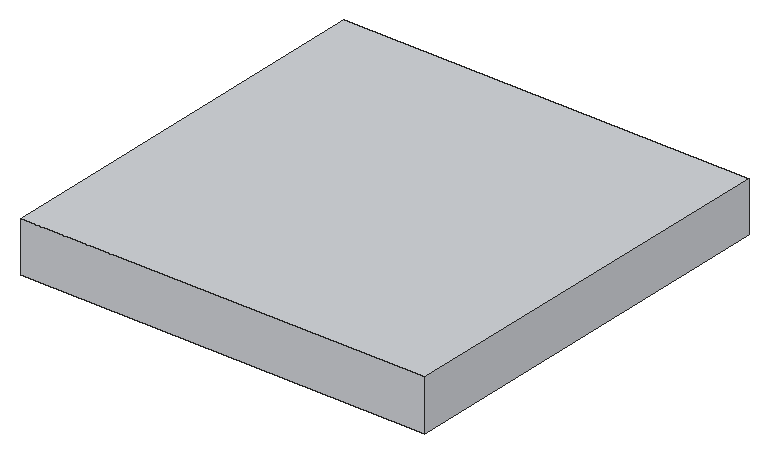
Revit family "00-7986-05-M1", category Luminarias, Revit 2017
Family settings
  Anfitrión = Cara
  Cota de conector redondo = Diámetro de uso
  Tipo de pieza = Normal
  Número OmniClass = 23.80.70.00
  Título OmniClass = Lighting
  Corte con vacíos al cargar = No
  Origen de luz = No
  Compartido = Sí
  Punto de cálculo de habitación = No
Parameters (values of type "00-7986-05-M1")
  Versión = "v1"
  Vatios (W) = 42
  Tipo de regulación = ""
  Tipo = "Colgante"
  Tender text (English) = "LEDS C4\nCoco Chandelier\n00-7986-05-M1\n\nfor indoor use. \nStructure material: Steel, Aluminium. Structure finish: Black. Diffuser material: Polycarbonate. Diffuser finish: White. Warranty: 5 Years.\n\nProduct net weight (Kg): 0.000\nProduct width or diameter (mm): 1300\nProduct height (mm): 2300\n\nClass 1. IP: IP20. E14. No. of lampholders or LEDs: 6. Maximum power of light source: 7W. Gear included: No. Total power: 42."
  Tender text (Castellano) = "LEDS C4\nCoco Chandelier\n00-7986-05-M1\n\nde uso interior \nMaterial estructura: Acero, Aluminio. Acabado estructura: Negro. Material difusor: Policarbonato. Acabado difusor: Blanco. Garantía: 5 Años.\n\nPeso neto del producto (Kg): 0.000\nAnchura o diámetro del producto (mm): 1300\nAltura del producto (mm): 2300\n\nClase 1. IP: IP20. E14. Nº de portalámparas o Leds: 6. Potencia máxima de la fuente de luz: 7W. Equipo incluido: No. Potencia total: 42."
  Temperatura color led (K) = ""
  Referencia = "00-7986-05-M1"
  Rayo de luz = ""
  Producto descatalogado = "Catalogado ES"
  Pluma comercial = ""
  Peso neto (KG) = 0
  Material = "Acero, Aluminio, Policarbonato"
  Lumenes reales (lm) = 0
  LDT = ""
  Imagen web = "http://files.leds-c4.com/main-photo/00-7986-05-M1"
  IfcExportType = "NOTDEFINED"
  IfcExportAs = "IfcLightFixture\r\nIfcLightFixture"
  IP = "IP20"
  IMC = "http://files.leds-c4.com/imc/00-7986-05-M1.html"
  IK = ""
  Fuente de luz = ""
  Fotometría = ""
  Ficha = "http://files.leds-c4.com/ft/es/00-7986-05-M1.html"
  FechaVersion = "Julio 2020"
  Familia = "Coco Chandelier"
  Fabricante = "LEDS C4"
  Etiqueta V/f = "100-240V/50-60Hz"
  Elevación por defecto = 1000 mm
  Eficiencia energética = "NO BULB"
  EAN13 = "8435575369757"
  DescripcionUniformat2010 = "Lighting"
  DescripcionUniclass2015 = "Lighting"
  DescripcionOmniclass = "Lighting"
  DescripcionGubimclass = "Iluminación interior"
  CodigoUniformat2010 = "D5040"
  CodigoUniclass2015 = "EF_70_80"
  CodigoOmniclass = "21-04 50 40"
  CodigoGubimclass = "50.60.50.20"
  Catálogo = "Decorative"
  Carga aparente = 0 VA
  CRI = 0
  Acabado = "Negro, Blanco"
Values of the unnamed type that differ from the named types
  Vatios (W) = 0
  Tipo = ""
  Tender text (English) = ""
  Tender text (Castellano) = ""
  Referencia = ""
  Producto descatalogado = ""
  Material = ""
  Imagen web = ""
  IP = ""
  IMC = ""
  Ficha = ""
  Familia = ""
  Etiqueta V/f = ""
  Eficiencia energética = ""
  EAN13 = ""
  Catálogo = ""
  Acabado = ""
Reference planes
  plane 1 "Centro (Frontal/Posterior)": y = 0
  plane 2: z = 0
  plane 3 "Centro (Izquierda/Derecha)": x = 0
  plane 4 "Elevación de origen de luz": z = 0
  plane 5 "Eje de origen de luz (F/P)": y = 0
  plane 6 "Eje de origen de luz (I/D)": x = 0
Forms (mm)
  Extrusion 1, solid
    sketch origin (0, 0, 0) x (1, 0, 0) y (0, 1, 0)
      loop
        line (-1219.2, 1219.2) -> (-1219.2, -1219.2) -> (1219.2, -1219.2) -> (1219.2, 1219.2) -> (-1219.2, 1219.2)
    from 0 to -304.8
Dimensions and locks
  aligned and locked: plane 2 to Extrusion 1
  aligned and locked: level to Extrusion 1
Connectors
  electrical at (0, 0, 0)
    settings: on Extrusion 1, index 1, voltage 0 V, apparent load 0 VA, apparent load phase1 0 VA, apparent load phase2 0 VA, apparent load phase3 0 VA, power factor 1, load classification "Otro", number of poles 1, system type 31, power factor state 1, is connector primary yes, connector utility no, sub classification motor no, connector description ""
